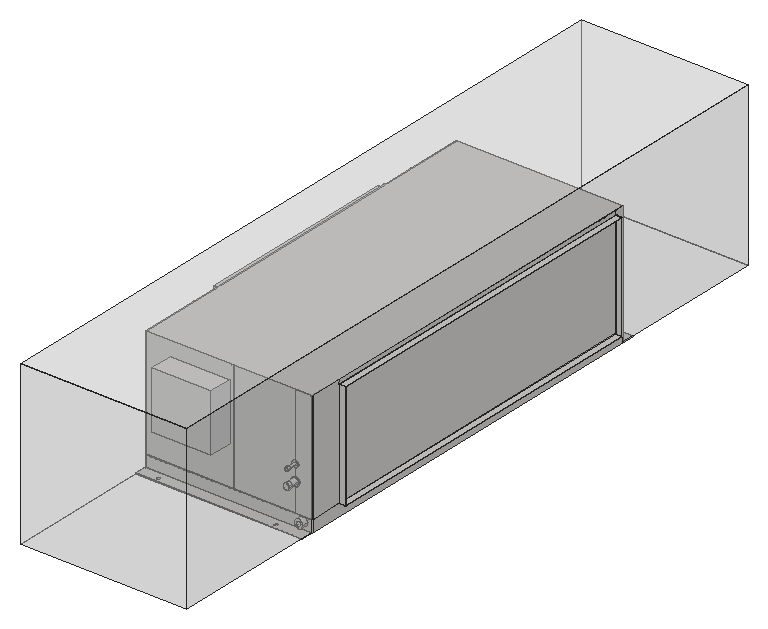
Revit family "outputfile", category 機械設備, Revit 2024
Family settings
  丸型コネクタ寸法 = 半径を使用
  パーツ タイプ = 標準
  OmniClass 番号 = 23.75.10.24.21.27.27
  OmniClass タイトル = Split System Air Conditioning Units
  作業面ベース = いいえ
  常に垂直 = はい
  ロード時にボイドで切り取り = いいえ
  注釈の向きを維持 = いいえ
  共有 = いいえ
  部屋計算ポイント = はい
Parameters (values of type "FDR300QY1")
  Description = ""
  書き出し IFC クラス(タイプ) = "IfcUnitaryEquipmentType"
  定義済み IFC タイプ(タイプ) = "AIRCONDITIONINGUNIT"
  Cost = 0
  Type Comments = ""
  Keynote = ""
  Type Image = (empty or 0)
  Assembly Code = ""
  angle_Drain Pipe [instance] = if(Rear Connection_drainpipe, -90.00°, 90.00°)  # 90.00°
  製造元 = "Daikin"
  モデル = "FDR300QY1"
  w2 = if(Depth = 2195.0 mm, 0.0 mm, if(Depth = 1980.0 mm, 0.0 mm, 352.0 mm))  # 0.0 mm
  w1 = if(Depth = 2195.0 mm, 0.0 mm, if(Depth = 1980.0 mm, 1.0 mm, 20.0 mm))  # 1.0 mm
  switch_frequency = yes
  r_Liquid Pipe Size = Liquid Pipe Size / 2  # 6.35 mm
  r_Gas Pipe Size = Gas Pipe Size / 2  # 14.3 mm
  r_Drain Pipe Size = Drain Pipe Size / 2  # 12.7 mm
  r_D = if(Depth = 2195.0 mm, 41.5 mm, if(Depth = 1980.0 mm, 41.5 mm, 34.5 mm))  # 41.5 mm
  lw_power = if(Depth = 2195.0 mm, Width / 2 - 249.0 mm, if(Depth = 1980.0 mm, Width / 2 - 128.0 mm, Width / 2 - 138.0 mm))  # 297.0 mm
  lw_mountinghole = if(Depth = 2195.0 mm, 100.0 mm, if(Depth = 1980.0 mm, 100.0 mm, if(Depth = 1330.0 mm, 59.0 mm, 59.0 mm)))  # 100.0 mm
  lh_SA = if(Depth = 2195.0 mm, 263.0 mm + SA Duct Size Height / 2, if(Depth = 1980.0 mm, 257.0 mm + SA Duct Size Height / 2, 156.0 mm + SA Duct Size Height / 2))  # 431.5 mm
  ld_SA = if(Depth = 2195.0 mm, 570.0 mm + SA Duct Size Width / 2, if(Depth = 1980.0 mm, 479.0 mm + SA Duct Size Width / 2, 128.0 mm + SA Duct Size Width / 2))  # 1001.5 mm
  ld_RA = if(Depth = 2195.0 mm, 171.0 mm + RA Duct Size Width / 2, if(Depth = 1980.0 mm, 169.0 mm + RA Duct Size Width / 2, 128.0 mm + RA Duct Size Width / 2))  # 1051.0 mm
  lh_power = if(Depth = 2195.0 mm, 490.0 mm, if(Depth = 1980.0 mm, 300.0 mm, 200.0 mm))  # 300.0 mm
  lh_RA = if(Depth = 2195.0 mm, 60.0 mm + RA Duct Size Height / 2, if(Depth = 1980.0 mm, 61.0 mm + RA Duct Size Height / 2, 156.0 mm + RA Duct Size Height / 2))  # 333.0 mm
  ld_power = if(Depth = 2195.0 mm, 75.8 mm, if(Depth = 1980.0 mm, 70.0 mm, 76.6 mm))  # 70.0 mm
  l_SA = if(Depth = 2195.0 mm, 36.0 mm, if(Depth = 1980.0 mm, 35.0 mm, 39.0 mm))  # 35.0 mm
  l_RA = if(Depth = 2195.0 mm, 36.0 mm, if(Depth = 1980.0 mm, 35.0 mm, 39.0 mm))  # 35.0 mm
  d = if(Depth = 1330.0 mm, 20.0 mm, 0.0 mm)  # 0.0 mm
  connector_voltage = Voltage_50Hz  # 400 V
  connector_powerinput = [Power Input (Cooling)]  # 11.190 kW
  connector_phase = Phase_50Hz  # 3
  Voltage_comment_50Hz = "380 - 415"
  Voltage_50Hz = 400 V
  URL = ""
  Supply Air Direction [instance] = yes
  Sound Power Level_H speed (dB) = 0
  Rear Connection_drainpipe [instance] = not(Front Connection_drainpipe)  # no
  Phase_50Hz = 3
  Minimum External Static Pressure = 0.00 Pa
  Minimum Circuit Amps_50Hz = 4.4 A
  Maximum Fuse Amps_50Hz = 16.0 A
  Maximum External Static Pressure = 150.00 Pa
  Material_Casing = DAIKIN_GalvanizedSteel_Casing_indoorunit
  lw_mountinghole_pitch = if(Depth = 2195.0 mm, 600.0 mm, if(Depth = 1980.0 mm, 600.0 mm, if(Depth = 1330.0 mm, 732.0 mm, 732.0 mm)))  # 600.0 mm
  lh_gaspipe = if(Depth = 2195.0 mm, 205.0 mm, if(Depth = 1980.0 mm, 205.0 mm, 187.0 mm))  # 205.0 mm
  lh_mountinghole = if(Depth = 2195.0 mm, 0.0 mm, if(Depth = 1980.0 mm, 0.0 mm, if(Depth = 1330.0 mm, 495.0 mm, 495.0 mm)))  # 0.0 mm
  lh_liquidpipe = if(Depth = 2195.0 mm, 285.0 mm, if(Depth = 1980.0 mm, 285.0 mm, 187.0 mm))  # 285.0 mm
  lh_drainpipe = if(Depth = 2195.0 mm, 38.0 mm, if(Depth = 1980.0 mm, 38.0 mm, 32.0 mm))  # 38.0 mm
  l_antena = Height - lh_mountinghole + 1.0 mm  # 626.0 mm
  ld_drainpipe = if(Depth = 2195.0 mm, Depth / 2 + 29.0 mm, if(Depth = 1980.0 mm, Depth / 2 + 29.0 mm, Depth / 2 + 9.0 mm))  # 1019.0 mm
  ld_liquidpipe = if(Depth = 2195.0 mm, Depth / 2 + 55.0 mm, if(Depth = 1980.0 mm, Depth / 2 + 55.0 mm, Depth / 2 + 60.0 mm))  # 1045.0 mm
  ld_gaspipe = if(Depth = 2195.0 mm, Depth / 2 + 55.0 mm, if(Depth = 1980.0 mm, Depth / 2 + 55.0 mm, Depth / 2 + 58.0 mm))  # 1045.0 mm
  ld_mountinghole_pitch = if(Depth = 2195.0 mm, 2280.0 mm, if(Depth = 1980.0 mm, 2070.0 mm, 1386.0 mm))  # 2070.0 mm
  h*** = 0.0 mm  # constant formula
  lw_liquidpipe = if(Depth = 2195.0 mm, 83.0 mm, if(Depth = 1980.0 mm, 87.0 mm, 126.0 mm))  # 87.0 mm
  lw_gaspipe = if(Depth = 2195.0 mm, 83.0 mm, if(Depth = 1980.0 mm, 87.0 mm, 47.0 mm))  # 87.0 mm
  lw_drainpipe = if(Depth = 2195.0 mm, 43.0 mm, if(Depth = 1980.0 mm, 45.0 mm, 46.0 mm))  # 45.0 mm
  Width = 850.0 mm
  Version = "ver.1.0"
  Unit Type = "Duct"
  Unit Mass Weight = 177.00 kg
  Unit Designation [instance] = ""
  Uniclass2015Version = "Products v1.30"
  Uniclass2015Title = "Split coil room air conditioning units"
  Uniclass2015Code = "Pr_70_65_03_86"
  Total Cooling Capacity [instance] = 0.000 kW
  Sound Pressure Level_M speed (dBA) = 0
  Sound Pressure Level_L speed (dBA) = 0
  Sound Pressure Level_H speed (dBA) = 59
  Series = "Package Aircon_Fan Coil Unit"
  Sensible Cooling Capacity [instance] = 0.000 kW
  SA Duct Size Width = 1045.0 mm
  SA Duct Size Height = 349.0 mm
  Refrigerant Type = "R410A"
  RA Duct Size Width = 1764.0 mm
  RA Duct Size Height = 544.0 mm
  Power Input (Cooling) = 11.190 kW
  Option Accessory 3 [instance] = ""
  Option Accessory 2 [instance] = ""
  Option Accessory 1 [instance] = ""
  Nominal Cooling Capacity = 34.700 kW
  Minimum Airflow = 0.00 m³/h
  Median Airflow = 0.00 m³/h
  Maximum Airflow = 7200.00 m³/h
  Load Classification = HVAC
  Liquid Pipe Size = 12.7 mm
  Link_Nested Family [instance] = ""
  Front Connection_drainpipe [instance] = yes
  IfcVersion = ""
  IfcExportType = "AIRCONDITIONINGUNIT"
  IfcExportAs = "IfcUnitaryEquipmentType"
  Height = 625.0 mm
  Heat Exchanger Type = "Cross Fin Coil"
  Gas Pipe Size = 28.6 mm
  Frequency_50Hz = 50 Hz
  Fan Type = "Sirocco Fan"
  Fan Drive = "-"
  FCU Tag No. [instance] = ""
  Drain Pipe Size = 25.4 mm
  Design Supply Airflow [instance] = 0.00 m³/h
  Design Return Airflow [instance] = 0.00 m³/h
  Design External Static Pressure [instance] = 0.00 Pa
  Depth = 1980.0 mm
  既定の高さ = 0.0 mm
  Cooling Entering Wet Bulb Temperature [instance] = 0.00 °C
  Cooling Entering Dry Bulb Temperature [instance] = 0.00 °C
  Cooling Ambient Wet Bulb Temperature [instance] = 0.00 °C
  Cooling Ambient Dry Bulb Temperature [instance] = 0.00 °C
  Clearance visibility [instance] = yes
  Clearance Top = 200.0 mm
  Clearance Right = 0.0 mm
  Clearance Rear = 800.0 mm
  Clearance Left = 0.0 mm
  Clearance Front = 800.0 mm
  Clearance Bottom = 0.0 mm
  A = if(Depth = 2195.0 mm, 60.0 mm, if(Depth = 1980.0 mm, 61.0 mm, 63.0 mm))  # 61.0 mm
  300-500 = not([200/250])  # yes
  200/250 = Depth = 1330.0 mm  # no
Reference planes
  plane 1 "Center (Front/Back)": y = 0
  plane 2 "h": z = 0
  plane 3 "Center (Left/Right)": x = 0
  plane 4 "Back": y = 990
  plane 5 "Front": y = -990
  plane 6 "Left": x = -425
  plane 7 "Right": x = 425
  plane 8 "Top": z = 0
  plane 9 "Bottom": z = -625
  plane 10: y = 1790
  plane 11: y = -1790
  plane 12: x = -425
  plane 13: x = 425
  plane 14: z = 200
  plane 15: z = -625
  plane 16 "ld_RA": y = 61
  plane 17 "lh_RA": z = -292
  plane 18 "ld_gaspipe": y = -1045
  plane 19 "ld_drainpipe": y = -1019
  plane 20 "lw_drainpipe": x = 380
  plane 21 "lw_liquidpipe": x = 338
  plane 22 "lw_gaspipe": x = 338
  plane 23 "lw_mountinghole": x = -325
  plane 24 "lw_mountinghole1": x = 275
  plane 25 "ld_mountinghole": y = -1035
  plane 26 "ld_mountinghole1": y = 1035
  plane 27 "lh_mountinghole": z = -625
  plane 28 "lh_SA": z = -193.5
  plane 29 "ld_liquidpipe": y = -1045
  plane 30 "ld_power": y = -1060
  plane 31 "ld_drainpipe1": y = 1019
  plane 32 "ld_SA": y = 11.5
  plane 33 "A": z = -564
  plane 34: y = 990
  plane 35: y = -990
  plane 36: x = -424
  plane 37: x = 425
  plane 38: z = -587
  plane 39: z = -587
Forms (mm)
  Extrusion 1, solid, material "DAIKIN_GalvanizedSteel_Casing_indoorunit" <- "Material_Casing"
    sketch origin (0, 0, -625) x (-1, 0, 0) y (0, -1, 0)
      loop
        line (424, -990) -> (424, 990) -> (-425, 990) -> (-425, -990) -> (424, -990)
    from 625 to 61
  Extrusion 2, solid, material "DAIKIN_GalvanizedSteel_Casing_indoorunit" <- "Material_Casing"
    sketch origin (0, 0, -625) x (-1, 0, 0) y (0, -1, 0)
      loop
        line (424, -990) -> (424, 990) -> (-425, 990) -> (-425, -990) -> (424, -990)
    from 0 to 61
  Extrusion 3, solid, material "DAIKIN_GalvanizedSteel_Casing_indoorunit" <- "Material_Casing", visible <- "200/250"
    sketch origin (0, 0, 0) x (1, 0, 0) y (0, 0, 1)
      loop
        line (84.8, -564) -> (84.8, -625) -> (419.6, -625) -> (419.6, -564) -> (84.8, -564)
    from -990 to 990
  Extrusion 4, solid, material "DAIKIN_GalvanizedSteel_Casing_indoorunit" <- "Material_Casing", visible <- "Front Connection_drainpipe"
    sketch origin (425, -990, -625) x (-1, 0, 0) y (0, 0, -1)
      loop
        circle (45, -38) r 20.75
      loop
        circle (45, -38) r 12.7
    from 0 to 29
  Extrusion 5, solid, material "DAIKIN_GalvanizedSteel_Casing_indoorunit" <- "Material_Casing", visible <- "Rear Connection_drainpipe"
    sketch origin (-424, 990, -625) x (1, 0, 0) y (0, 0, -1)
      loop
        circle (804, -38) r 20.75
      loop
        circle (804, -38) r 12.7
    from 0 to 29
Dimensions and locks
  "Height": plane 8 "Top" to plane 9 "Bottom"
  equal spacing: plane 4 "Back", plane 1 "Center (Front/Back)", plane 5 "Front"
  "Depth": plane 4 "Back" to plane 5 "Front"
  equal spacing: plane 6 "Left", plane 3 "Center (Left/Right)", plane 7 "Right"
  "Width": plane 6 "Left" to plane 7 "Right"
  "Clearance Left": plane 12 to plane 6 "Left"
  "Clearance Right": plane 7 "Right" to plane 13
  "Clearance Rear": plane 10 to plane 4 "Back"
  "Clearance Front": plane 5 "Front" to plane 11
  "Clearance Top": plane 14 to plane 8 "Top"
  "Clearance Bottom": plane 9 "Bottom" to plane 15
  "ld_RA": plane 16 "ld_RA" to plane 5 "Front"
  "lh_RA": plane 17 "lh_RA" to plane 9 "Bottom"
  "lw_drainpipe": plane 20 "lw_drainpipe" to plane 7 "Right"
  "lw_liquidpipe": plane 21 "lw_liquidpipe" to plane 7 "Right"
  "lw_gaspipe": plane 22 "lw_gaspipe" to plane 7 "Right"
  "lw_mountinghole_pitch": plane 23 "lw_mountinghole" to plane 24 "lw_mountinghole1"
  equal spacing: plane 25 "ld_mountinghole", plane 1 "Center (Front/Back)", plane 26 "ld_mountinghole1"
  "ld_mountinghole_pitch": plane 26 "ld_mountinghole1" to plane 25 "ld_mountinghole"
  "lh_mountinghole": plane 27 "lh_mountinghole" to plane 9 "Bottom"
  "lh_SA": plane 28 "lh_SA" to plane 9 "Bottom"
  "h***": plane 8 "Top" to plane 2 "h"
  "lw_mountinghole": plane 6 "Left" to plane 23 "lw_mountinghole"
  "ld_drainpipe": plane 31 "ld_drainpipe1" to plane 1 "Center (Front/Back)"
  "ld_drainpipe": plane 1 "Center (Front/Back)" to plane 19 "ld_drainpipe"
  "ld_power": plane 5 "Front" to plane 30 "ld_power"
  "ld_liquidpipe": plane 29 "ld_liquidpipe" to plane 1 "Center (Front/Back)"
  "ld_gaspipe": plane 18 "ld_gaspipe" to plane 1 "Center (Front/Back)"
  "ld_SA": plane 32 "ld_SA" to plane 5 "Front"
  "A": plane 33 "A" to plane 9 "Bottom"
  "w1": plane 6 "Left" to plane 36
  "d": plane 4 "Back" to plane 34
  "d": plane 35 to plane 5 "Front"
  "w2": plane 37 to plane 7 "Right"
  locked: plane 6 "Left" to Extrusion 1 sketch curve at 1
  locked: Extrusion 3 sketch curve to Extrusion 3 sketch curve at 334.8
  locked: Extrusion 3 sketch curve to plane 7 "Right" at 5.4
  "lh_drainpipe": plane 38 to plane 9 "Bottom"
  "lh_drainpipe": plane 39 to plane 9 "Bottom"
  "r_D": diameter of Extrusion 4 sketch curve
  "Drain Pipe Size": diameter of Extrusion 4 sketch curve
  "Drain Pipe Size": diameter of Extrusion 5 sketch curve
  "r_D": diameter of Extrusion 5 sketch curve
  aligned and locked: level to plane 2 "h"
  aligned and locked: nested 4 to plane 11
  aligned and locked: nested 4 to plane 12  (x2)
  aligned and locked: nested 4 to plane 13
  aligned and locked: plane 10 to nested 4
  aligned and locked: plane 14 to nested 4
  aligned and locked: plane 15 to nested 4
  aligned and locked: nested 2 to plane 21 "lw_liquidpipe"
  aligned and locked: nested 1 to plane 22 "lw_gaspipe"
  aligned and locked: nested 1 to plane 18 "ld_gaspipe"
  aligned and locked: plane 23 "lw_mountinghole" to nested 6
  aligned and locked: nested 6 to plane 26 "ld_mountinghole1"
  aligned and locked: plane 24 "lw_mountinghole1" to nested 5
  aligned and locked: nested 5 to plane 26 "ld_mountinghole1"
  aligned and locked: plane 24 "lw_mountinghole1" to nested 8
  aligned and locked: plane 25 "ld_mountinghole" to nested 8
  aligned and locked: plane 25 "ld_mountinghole" to nested 7
  aligned and locked: plane 23 "lw_mountinghole" to nested 7
  aligned and locked: nested 2 to plane 29 "ld_liquidpipe"
  aligned and locked: plane 28 "lh_SA" to nested 9
  aligned and locked: nested 3 to plane 3 "Center (Left/Right)"
  aligned and locked: plane 1 "Center (Front/Back)" to nested 3
  aligned and locked: nested 11 to plane 3 "Center (Left/Right)"
  aligned and locked: nested 11 to plane 30 "ld_power"
  aligned and locked: nested 9 to plane 6 "Left"
  aligned and locked: nested 9 to plane 32 "ld_SA"
  aligned and locked: plane 7 "Right" to nested 10
  aligned and locked: plane 16 "ld_RA" to nested 10
  aligned and locked: plane 7 "Right" to nested 12
  aligned and locked: nested 12 to plane 1 "Center (Front/Back)"
  aligned and locked: plane 1 "Center (Front/Back)" to nested 13
  aligned and locked: nested 13 to plane 6 "Left"
  aligned and locked: plane 9 "Bottom" to nested 13
  aligned and locked: Extrusion 1 sketch curve to plane 4 "Back"
  aligned and locked: plane 5 "Front" to Extrusion 1 sketch curve
  aligned and locked: Extrusion 1 sketch curve to plane 7 "Right"
  aligned and locked: Extrusion 1 to plane 8 "Top"
  aligned and locked: Extrusion 1 to plane 33 "A"
  aligned and locked: Extrusion 2 sketch curve to plane 34
  aligned and locked: plane 36 to Extrusion 2 sketch curve
  aligned and locked: plane 35 to Extrusion 2 sketch curve
  aligned and locked: Extrusion 2 sketch curve to plane 37
  aligned and locked: plane 33 "A" to Extrusion 2
  aligned and locked: Extrusion 2 to plane 9 "Bottom"
  aligned and locked: plane 25 "ld_mountinghole" to nested 14
  aligned and locked: nested 15 to plane 26 "ld_mountinghole1"
  aligned and locked: plane 23 "lw_mountinghole" to nested 14
  aligned and locked: nested 15 to plane 23 "lw_mountinghole"
  aligned and locked: plane 9 "Bottom" to nested 15
  aligned and locked: nested 14 to plane 9 "Bottom"
  aligned and locked: plane 23 "lw_mountinghole" to nested 16
  aligned and locked: plane 24 "lw_mountinghole1" to nested 17
  aligned and locked: nested 16 to plane 25 "ld_mountinghole"
  aligned and locked: nested 17 to plane 25 "ld_mountinghole"
  aligned and locked: nested 18 to plane 26 "ld_mountinghole1"
  aligned and locked: nested 19 to plane 26 "ld_mountinghole1"
  aligned and locked: nested 19 to plane 24 "lw_mountinghole1"
  aligned and locked: nested 18 to plane 23 "lw_mountinghole"
  aligned and locked: plane 27 "lh_mountinghole" to nested 18
  aligned and locked: plane 27 "lh_mountinghole" to nested 16
  aligned and locked: plane 27 "lh_mountinghole" to nested 19
  aligned and locked: plane 27 "lh_mountinghole" to nested 17
  aligned and locked: plane 8 "Top" to nested 12
  aligned and locked: Extrusion 3 sketch curve to plane 33 "A"
  aligned and locked: plane 9 "Bottom" to Extrusion 3 sketch curve
  aligned and locked: Extrusion 2 to Extrusion 3  (x2)
  aligned and locked: nested 20 to plane 5 "Front"
  aligned and locked: plane 3 "Center (Left/Right)" to nested 20
  aligned and locked: plane 9 "Bottom" to nested 20
  aligned and locked: Extrusion 4 sketch curve to plane 20 "lw_drainpipe"  (x2)
  aligned and locked: plane 38 to Extrusion 4 sketch curve  (x2)
  aligned and locked: Extrusion 4 to plane 19 "ld_drainpipe"
  aligned and locked: Extrusion 5 sketch curve to plane 20 "lw_drainpipe"  (x2)
  aligned and locked: plane 39 to Extrusion 5 sketch curve  (x2)
  aligned and locked: plane 31 "ld_drainpipe1" to Extrusion 5
  aligned and locked: plane 1 "Center (Front/Back)" to nested 21
  aligned and locked: nested 21 to plane 20 "lw_drainpipe"
Nested families
  nested 1: "daikin_connector_rotate2" at (338, 0, -420), length <- "ld_gaspipe", built-in parameter 1001364 <- "lh_gaspipe", radius <- "r_Gas Pipe Size", type "daikin_connector_rotate2"
    with radius 14.3 mm, length 1045.0 mm, angle_vertical 90.00°
  nested 2: "daikin_connector_rotate2" at (338, 0, -340), length <- "ld_liquidpipe", built-in parameter 1001364 <- "lh_liquidpipe", radius <- "r_Liquid Pipe Size", type "daikin_connector_rotate2"
    with radius 6.35 mm, length 1045.0 mm, angle_vertical 90.00°
  nested 3: "daikin_△_symbolicline" at (0, 0, 625) x (0, -1, 0) z (0, 0, 1), built-in parameter 1001364 <- "Height", visible <- "Supply Air Direction", type "daikin_△_symbolicline"
    with length 250.0 mm
  nested 4: "daikin_clearancespace" at (0, 0, -212.381), visible <- "Clearance visibility", show <- "Clearance visibility", Link_Nested Family <- "Link_Nested Family", type "daikin_clearancespace"
    with width 850.0 mm, show yes, height 825.0 mm, depth 3580.0 mm, Link_Nested Family ""
  nested 5: "daikin_mountinghole" at (275, 1035, -625), l_antenna <- "l_antena", Link_Nested Family <- "Link_Nested Family", h_mountinghole <- "lh_mountinghole", type "daikin_mountinghole"
    with show yes, l_antenna 626.0 mm, h_mountinghole 0.0 mm, Link_Nested Family ""
  nested 6: "daikin_mountinghole" at (-325, 1035, -625), l_antenna <- "l_antena", Link_Nested Family <- "Link_Nested Family", h_mountinghole <- "lh_mountinghole", type "daikin_mountinghole"
    with show yes, l_antenna 626.0 mm, h_mountinghole 0.0 mm, Link_Nested Family ""
  nested 7: "daikin_mountinghole" at (-325, -1035, -625), h_mountinghole <- "lh_mountinghole", l_antenna <- "l_antena", Link_Nested Family <- "Link_Nested Family", type "daikin_mountinghole"
    with show yes, l_antenna 626.0 mm, h_mountinghole 0.0 mm, Link_Nested Family ""
  nested 8: "daikin_mountinghole" at (275, -1035, -625), h_mountinghole <- "lh_mountinghole", l_antenna <- "l_antena", Link_Nested Family <- "Link_Nested Family", type "daikin_mountinghole"
    with show yes, l_antenna 626.0 mm, h_mountinghole 0.0 mm, Link_Nested Family ""
  nested 9: "daikin_connector_rotate2" at (-425, 11.5, -193.5) x (0, -1, 0) z (0, 0, 1), built-in parameter 1001364 <- "lh_SA", length <- "l_SA", type "daikin_connector_rotate2"
    with radius 10.0 mm, length 35.0 mm, angle_vertical 90.00°
  nested 10: "daikin_connector_rotate2" at (425, 61, -292) x (0, 1, 0) z (0, 0, 1), built-in parameter 1001364 <- "lh_RA", length <- "l_RA", type "daikin_connector_rotate2"
    with radius 10.0 mm, length 35.0 mm, angle_vertical 90.00°
  nested 11: "daikin_connector_rotate2" at (0, -1060, -325) x (0, -1, 0) z (0, 0, 1), length <- "lw_power", built-in parameter 1001364 <- "lh_power", type "daikin_connector_rotate2"
    with radius 10.0 mm, length 297.0 mm, angle_vertical 90.00°
  nested 12: "daikin_RA ductflange_FDR-QY1" at (425, 0, -625) x (0, 1, 0) z (0, 0, 1), type "daikin_RA ductflange_FDR-QY1"
    with lh_RA 61.0 mm, ld_RA 169.0 mm, l_RA 35.0 mm, a 61.0 mm, RA Duct Size Width 1764.0 mm, RA Duct Size Height 544.0 mm, Depth 1980.0 mm, Height 625.0 mm
  nested 13: "daikin_SA ductflange_FDR-QY1" at (-425, 0, -625) x (0, -1, 0) z (0, 0, 1), type "daikin_SA ductflange_FDR-QY1"
    with lh_SA 257.0 mm, ld_SA 479.0 mm, l_SA 35.0 mm, a 61.0 mm, SA Duct Size Height 349.0 mm, Depth 1980.0 mm, Height 625.0 mm, 450/500 no, 300/400 yes
  nested 14: "daikin_anchor boltsfixture_FDR-QY1" at (-325, -1035, -625), visible <- "300-500", type "daikin_anchor boltsfixture_FDR-QY1"
    with b 45.0 mm, a 61.0 mm, Width 850.0 mm, Height 625.0 mm
  nested 15: "daikin_anchor boltsfixture_FDR-QY1" at (-325, 1035, -625), visible <- "300-500", type "daikin_anchor boltsfixture_FDR-QY1"
    with b 45.0 mm, a 61.0 mm, Width 850.0 mm, Height 625.0 mm
  nested 16: "daikin_hangerfixture_FDR-QY1" at (-325, -1035, -625) x (0, 1, 0) z (0, 0, 1), visible <- "200/250", type "daikin_hangerfixture_FDR-QY1"
  nested 17: "daikin_hangerfixture_FDR-QY1" at (275, -1035, -625) x (0, 1, 0) z (0, 0, 1), visible <- "200/250", type "daikin_hangerfixture_FDR-QY1"
  nested 18: "daikin_hangerfixture_FDR-QY1" at (-325, 1035, -625) x (0, -1, 0) z (0, 0, 1), visible <- "200/250", type "daikin_hangerfixture_FDR-QY1"
  nested 19: "daikin_hangerfixture_FDR-QY1" at (275, 1035, -625) x (0, -1, 0) z (0, 0, 1), visible <- "200/250", type "daikin_hangerfixture_FDR-QY1"
  nested 20: "daikin_rightpanel_FDR-QY1" at (0, -990, -625), material <- "Material_Casing", type "daikin_rightpanel_FDR-QY1"
    with material DAIKIN_GalvanizedSteel_Casing_indoorunit, 外径_gaspipe 31.1 mm, 内径_gaspipe 28.6 mm, switch_unit_300/400 yes, switch_unit_200/250 no, lw_liquidpipe 87.0 mm, lw_gaspipe 87.0 mm, lw_control box 128.0 mm, lh_liquidpipe 285.0 mm, lh_gaspipe 205.0 mm, lh_control box 261.0 mm, ld_liquidpipe 55.0 mm, 外径_liquidpipe 17.8 mm, 内径_liquidpipe 12.7 mm, ld_gaspipe 55.0 mm, height 625.0 mm, h_control box 291.6 mm, depth 1980.0 mm
  nested 21: "daikin_connector_rotate2" at (380, 0, -587), built-in parameter 1001364 <- "lh_drainpipe", length <- "ld_drainpipe", radius <- "r_Drain Pipe Size", angle_vertical <- "angle_Drain Pipe", type "daikin_connector_rotate2"
    with radius 12.7 mm, length 1019.0 mm, angle_vertical 90.00°
Connectors
  piping at (338, -1045, -420), diameter 28.6, driven by "r_Gas Pipe Size"
    settings: on nested 1, index 4, connector inside diameter 609.6 mm, connector length 0.0 mm, flow factor 0, pipe flow 0.00 m³/h, pressure drop 0.0 Pa, fitting loss kfactor 0, connector angle 0.00°, fixture units 0, engagement length 0.0 mm, angle of deflection 0.00°, flow configuration 1, flow direction 2, fitting loss method 0, system type 29, joint type 0, gender type 0, connector reference index -1, connector utility 0, adjustable connector no, is connector primary yes, connector description "Refrigerant Gas Piping"
  piping at (338, -1045, -340), diameter 12.7, driven by "r_Liquid Pipe Size"
    settings: on nested 2, index 5, connector inside diameter 609.6 mm, connector length 0.0 mm, flow factor 0, pipe flow 0.00 m³/h, pressure drop 0.0 Pa, fitting loss kfactor 0, connector angle 0.00°, fixture units 0, engagement length 0.0 mm, angle of deflection 0.00°, flow configuration 1, flow direction 1, fitting loss method 0, system type 29, joint type 0, gender type 0, connector reference index -1, connector utility 0, adjustable connector no, is connector primary no, connector description "Refrigerant Liquid Piping"
  hvac at (-460, 11.5, -193.5), driven by "SA Duct Size Height", driven by "SA Duct Size Width"
    settings: on nested 9, index 7, duct flow 0.00 m³/h, flow factor 0, pres drop 0.00 Pa, loss coef 0, conn angle 0.00°, conn width 1045.0 mm, conn height 349.0 mm, conn diameter 609.6 mm, duct sys type 1, conn prof type 1, flow config 0, flow direction 2, loss method 4, conn ref index -1, conn util no, is conn primary yes, conn desc "SA Duct"
  hvac at (460, 61, -292), driven by "RA Duct Size Height", driven by "RA Duct Size Width"
    settings: on nested 10, index 8, duct flow 0.00 m³/h, flow factor 0, pres drop 0.00 Pa, loss coef 0, conn angle 0.00°, conn width 1764.0 mm, conn height 544.0 mm, conn diameter 609.6 mm, duct sys type 2, conn prof type 1, flow config 0, flow direction 1, loss method 4, conn ref index -1, conn util no, is conn primary no, conn desc "RA Duct"
  electrical at (-297, -1060, -325), driven by "connector_phase", driven by "Load Classification", driven by "connector_voltage", driven by "connector_powerinput"
    settings: on nested 11, index 9, voltage 400 V, apparent load 11190 VA, apparent load phase1 0 VA, apparent load phase2 0 VA, apparent load phase3 0 VA, power factor 1, load classification "HVAC", number of poles 3, system type 30, power factor state 1, is connector primary yes, connector utility no, sub classification motor no, connector description "Power Supply"
  piping at (380, -1019, -587), diameter 25.4, driven by "r_Drain Pipe Size"
    settings: on nested 21, index 10, connector inside diameter 609.6 mm, connector length 0.0 mm, flow factor 0, pipe flow 0.00 m³/h, pressure drop 0.0 Pa, fitting loss kfactor 0, connector angle 0.00°, fixture units 0, engagement length 0.0 mm, angle of deflection 0.00°, flow configuration 1, flow direction 2, fitting loss method 4, system type 16, joint type 0, gender type 0, connector reference index -1, connector utility 0, adjustable connector no, is connector primary no, connector description "Condensate Drain Piping"
Definition of nested family "daikin_clearancespace"
  Parameters (values of type "daikin_clearancespace")
    Description = "daikin_clearancespace"
    width [instance] = 1823.963 mm
    show [instance] = yes
    material = none
    height [instance] = 1359.762 mm
    depth [instance] = 880.0 mm
    Default Elevation = 0.0 mm
    Link_Nested Family [instance] = ""
  Reference planes
    plane 1 "Center (Front/Back)": y = 0
    plane 2 "Center (Elevation)": z = -0.119
    plane 3 "Center (Left/Right)": x = 0
    plane 4: y = 440
    plane 5: y = -440
    plane 6 "Right": x = 911.982
    plane 7 "Left": x = -911.982
    plane 8 "Top": z = 679.762
    plane 9 "Bottom": z = -680
  Forms (mm)
    Extrusion 1, solid, material <- "material", visible <- "show"
      sketch origin (0, 0, 0) x (1, 0, 0) y (0, 1, 0)
        loop
          line (-911.982, 440) -> (-911.982, -440) -> (911.982, -440) -> (911.982, 440) -> (-911.982, 440)
      from -680 to 679.762
  Lines and regions (mm)
    symbolic lines, visible <- "show"
      curve 1: line (911.982, 440, 0) -> (-911.982, 440, 0)
      curve 2: line (-911.982, 440, 0) -> (-911.982, -440, 0)
      curve 3: line (-911.982, -440, 0) -> (911.982, -440, 0)
      curve 4: line (911.982, -440, 0) -> (911.982, 440, 0)
      curve 5: line (911.982, 0, 679.762) -> (-911.982, 0, 679.762)
      curve 6: line (911.982, 0, -680) -> (911.982, 0, 679.762)
      curve 7: line (-911.982, 0, -680) -> (911.982, 0, -680)
      curve 8: line (-911.982, 0, 679.762) -> (-911.982, 0, -680)
      curve 9: line (0, 440, 679.762) -> (0, -440, 679.762)
      curve 10: line (0, -440, 679.762) -> (0, -440, -680)
      curve 11: line (0, 440, -680) -> (0, 440, 679.762)
      curve 12: line (0, -440, -680) -> (0, 440, -680)
  Dimensions and locks
    "width": plane 7 "Left" to plane 6 "Right"
    "depth": plane 4 to plane 5
    "height": plane 8 "Top" to plane 9 "Bottom"
    equal spacing: plane 7 "Left", plane 3 "Center (Left/Right)", plane 6 "Right"
    equal spacing: plane 4, plane 1 "Center (Front/Back)", plane 5
    equal spacing: plane 8 "Top", plane 2 "Center (Elevation)", plane 9 "Bottom"
    aligned and locked: level to plane 2 "Center (Elevation)"
    aligned and locked: Extrusion 1 sketch curve to plane 4
    aligned and locked: plane 7 "Left" to Extrusion 1 sketch curve
    aligned and locked: Extrusion 1 sketch curve to plane 5
    aligned and locked: Extrusion 1 sketch curve to plane 6 "Right"
    aligned and locked: plane 8 "Top" to Extrusion 1
    aligned and locked: curve 1 to Extrusion 1
    aligned and locked: curve 2 to Extrusion 1
    aligned and locked: curve 3 to Extrusion 1
    aligned and locked: curve 4 to Extrusion 1
    aligned and locked: curve 5 to Extrusion 1
    aligned and locked: curve 6 to Extrusion 1
    aligned and locked: curve 7 to Extrusion 1
    aligned and locked: curve 8 to Extrusion 1
    aligned and locked: curve 9 to Extrusion 1
    aligned and locked: curve 10 to Extrusion 1
    aligned and locked: curve 11 to Extrusion 1
    aligned and locked: curve 12 to Extrusion 1
    aligned and locked: Extrusion 1 to plane 9 "Bottom"
Definition of nested family "daikin_RA ductflange_FDR-QY1"
  Parameters (values of type "daikin_RA ductflange_FDR-QY14")
    lh_RA = if(Depth = 2195.0 mm, 60.0 mm, if(Depth = 1980.0 mm, 61.0 mm, 156.0 mm))  # 60.0 mm
    ld_RA = if(Depth = 2195.0 mm, 171.0 mm, if(Depth = 1980.0 mm, 169.0 mm, 128.0 mm))  # 171.0 mm
    l_RA = if(Depth = 2195.0 mm, 36.0 mm, if(Depth = 1980.0 mm, 35.0 mm, 39.0 mm))  # 36.0 mm
    a = if(Depth = 2195.0 mm, 60.0 mm, if(Depth = 1980.0 mm, 61.0 mm, 63.0 mm))  # 60.0 mm
    RA Duct Size Width = if(Depth = 2195.0 mm, 1974.0 mm, if(Depth = 1980.0 mm, 1764.0 mm, 1074.0 mm))  # 1974.0 mm
    RA Duct Size Height = if(Depth = 2195.0 mm, 679.0 mm, if(Depth = 1980.0 mm, 544.0 mm, 294.0 mm))  # 679.0 mm
    Depth = 2195.0 mm
    material = none
    Height = 760.0 mm
    t = if(Depth = 1330.0 mm, 0.8 mm, 1.0 mm)  # 1.0 mm
    Default Elevation = 0.0 mm
    200/250 = Depth = 1330.0 mm  # no
  Reference planes
    plane 1 "Center (Front/Back)": y = 0
    plane 2: z = 0
    plane 3 "Center (Left/Right)": x = 0
    plane 4: x = -1097.5
    plane 5: x = 1097.5
    plane 6: z = 760
    plane 7: z = 739
    plane 8 "a": z = 60
    plane 9: x = -926.5
    plane 10: x = 1047.5
    plane 11: x = -925.5
    plane 12: x = 1046.5
    plane 13: z = 60
    plane 14: y = -36
    plane 15: y = 1
    plane 16: x = -925.5
    plane 17: x = 1046.5
  Forms (mm)
    Extrusion 1, solid, material <- "material"
      sketch origin (0, 0, 0) x (1, 0, 0) y (0, 0, 1)
        loop
          line (-1097.5, 760) -> (-1097.5, 60) -> (-925.5, 60) -> (-925.5, 760) -> (-1097.5, 760)
      from 0 to -1
    Extrusion 2, solid, material <- "material"
      sketch origin (0, 0, 0) x (1, 0, 0) y (0, 0, 1)
        loop
          line (1097.5, 760) -> (1046.5, 760) -> (1046.5, 60) -> (1097.5, 60) -> (1097.5, 760)
      from 0 to -1
    Extrusion 3, solid, material <- "material"
      sketch origin (0, 0, 0) x (1, 0, 0) y (0, 0, 1)
        loop
          line (-926.5, 739) -> (-926.5, 60) -> (-925.5, 60) -> (-925.5, 739) -> (-926.5, 739)
        loop
          line (1046.5, 739) -> (1046.5, 60) -> (1047.5, 60) -> (1047.5, 739) -> (1046.5, 739)
      from 0 to 36
    Extrusion 4, solid, material <- "material"
      sketch origin (0, 0, 0) x (0, 1, 0) y (0, 0, 1)
        loop
          line (-36, 739) -> (-36, 738) -> (1, 738) -> (1, 760) -> (0, 760) -> (0, 739) -> (-36, 739)
        loop
          line (-36, 61) -> (-36, 60) -> (1, 60) -> (1, 61) -> (-36, 61)
      from -925.5 to 1046.5
    Extrusion 5, solid, material <- "material", visible <- "200/250"
      sketch origin (0, 0, 0) x (0, 1, 0) y (0, 0, 1)
        loop
          line (0, 60) -> (0, -33) -> (1, -33) -> (1, 60) -> (0, 60)
      from -925.5 to 1046.5
  Dimensions and locks
    equal spacing: plane 5, plane 3 "Center (Left/Right)", plane 4
    "Depth": plane 5 to plane 4
    "Height": plane 6 to plane 2
    "ld_RA": plane 9 to plane 4
    "RA Duct Size Width": plane 10 to plane 9
    "a": plane 8 "a" to plane 2
    "t": plane 11 to plane 9
    "t": plane 10 to plane 12
    "lh_RA": plane 13 to plane 2
    "RA Duct Size Height": plane 7 to plane 13
    "t": Extrusion 3 sketch curve to Extrusion 3 sketch curve  (x2)
    "l_RA": plane 14 to plane 1 "Center (Front/Back)"
    "t": plane 15 to plane 1 "Center (Front/Back)"
    "t": Extrusion 4 sketch curve to Extrusion 4 sketch curve  (x2)
    "t": plane 17 to plane 10
    "t": plane 9 to plane 16
    locked: Extrusion 5 sketch curve to Extrusion 5 sketch curve at 93
    aligned and locked: level to plane 2
    aligned and locked: Extrusion 1 sketch curve to plane 6
    aligned and locked: plane 4 to Extrusion 1 sketch curve
    aligned and locked: plane 8 "a" to Extrusion 1 sketch curve
    aligned and locked: Extrusion 1 sketch curve to plane 11
    aligned and locked: Extrusion 1 to plane 1 "Center (Front/Back)"
    aligned and locked: plane 6 to Extrusion 2 sketch curve
    aligned and locked: plane 5 to Extrusion 2 sketch curve
    aligned and locked: Extrusion 2 sketch curve to plane 8 "a"
    aligned and locked: Extrusion 2 sketch curve to plane 12
    aligned and locked: Extrusion 2 to plane 1 "Center (Front/Back)"
    aligned and locked: Extrusion 3 sketch curve to plane 7  (x2)
    aligned and locked: plane 9 to Extrusion 3 sketch curve
    aligned and locked: Extrusion 3 sketch curve to plane 10
    aligned and locked: plane 13 to Extrusion 3 sketch curve  (x2)
    aligned and locked: Extrusion 3 to plane 1 "Center (Front/Back)"
    aligned and locked: Extrusion 3 to plane 14
    aligned and locked: plane 15 to Extrusion 1
    aligned and locked: plane 15 to Extrusion 2
    aligned and locked: Extrusion 4 sketch curve to plane 7
    aligned and locked: Extrusion 4 sketch curve to plane 1 "Center (Front/Back)"
    aligned and locked: Extrusion 4 sketch curve to plane 6
    aligned and locked: Extrusion 4 sketch curve to plane 15  (x2)
    aligned and locked: plane 14 to Extrusion 4 sketch curve  (x2)
    aligned and locked: plane 13 to Extrusion 4 sketch curve
    aligned and locked: Extrusion 4 to plane 16
    aligned and locked: plane 17 to Extrusion 4
    aligned and locked: Extrusion 5 sketch curve to plane 13
    aligned and locked: Extrusion 5 sketch curve to plane 1 "Center (Front/Back)"
    aligned and locked: Extrusion 5 sketch curve to plane 15
    aligned and locked: Extrusion 5 to plane 16
    aligned and locked: plane 17 to Extrusion 5
Definition of nested family "daikin_SA ductflange_FDR-QY1"
  Parameters (values of type "daikin_SA ductflange_FDR-QY14")
    lh_SA = if(Depth = 2195.0 mm, 263.0 mm, if(Depth = 1980.0 mm, 257.0 mm, 156.0 mm))  # 263.0 mm
    ld_SA = if(Depth = 2195.0 mm, 570.0 mm, if(Depth = 1980.0 mm, 479.0 mm, 128.0 mm))  # 570.0 mm
    l_SA = if(Depth = 2195.0 mm, 36.0 mm, if(Depth = 1980.0 mm, 35.0 mm, 39.0 mm))  # 36.0 mm
    a = if(Depth = 2195.0 mm, 60.0 mm, if(Depth = 1980.0 mm, 61.0 mm, 63.0 mm))  # 60.0 mm
    SA Duct Size Width = if(Depth = 2195.0 mm, 1045.0 mm, if(Depth = 1980.0 mm, 1045.0 mm, 1074.0 mm))  # 1045.0 mm
    SA Duct Size Height = if(Depth = 2195.0 mm, 347.0 mm, if(Depth = 1980.0 mm, 349.0 mm, 294.0 mm))  # 347.0 mm
    Depth = 2195.0 mm
    material = none
    Height = 760.0 mm
    t = if(Depth = 1330.0 mm, 0.8 mm, 1.0 mm)  # 1.0 mm
    Default Elevation = 0.0 mm
    450/500 = Depth = 2195.0 mm  # yes
    300/400 = Depth = 1980.0 mm  # no
    200/250以外 = not(Depth = 1330.0 mm)  # yes
    200/250 = or(Depth = 1330.0 mm, and(not(Depth = 1980.0 mm), not(Depth = 2195.0 mm)))  # no
  Reference planes
    plane 1 "Center (Front/Back)": y = 0
    plane 2: z = 0
    plane 3 "Center (Left/Right)": x = 0
    plane 4: x = -1097.5
    plane 5: x = 1097.5
    plane 6: z = 760
    plane 7: z = 610
    plane 8 "a": z = 60
    plane 9: x = -517.5
    plane 10: x = 527.5
    plane 11: z = 263
    plane 12: y = -36
    plane 13: y = 1
    plane 14: x = -516.5
    plane 15: x = 526.5
  Forms (mm)
    Extrusion 1, solid, material <- "material"
      sketch origin (0, 0, 0) x (1, 0, 0) y (0, 0, 1)
        loop
          line (-517.5, 610) -> (-517.5, 263) -> (-516.5, 263) -> (-516.5, 610) -> (-517.5, 610)
        loop
          line (526.5, 610) -> (526.5, 263) -> (527.5, 263) -> (527.5, 610) -> (526.5, 610)
      from 0 to 36
    Extrusion 2, solid, material <- "material"
      sketch origin (0, 0, 0) x (0, 1, 0) y (0, 0, 1)
        loop
          line (-36, 610) -> (-36, 609) -> (1, 609) -> (1, 610) -> (-36, 610)
        loop
          line (-36, 264) -> (-36, 263) -> (1, 263) -> (1, 264) -> (-36, 264)
      from -516.5 to 526.5
    Extrusion 3, solid, material <- "material", visible <- "200/250以外"
      sketch origin (0, 0, 0) x (1, 0, 0) y (0, 0, 1)
        loop
          line (-537.5, 610) -> (-537.5, 263) -> (-517.5, 263) -> (-517.5, 610) -> (-537.5, 610)
        loop
          line (527.5, 610) -> (527.5, 263) -> (547.5, 263) -> (547.5, 610) -> (527.5, 610)
      from 0 to -1
    Extrusion 4, solid, material <- "material", visible <- "200/250以外"
      sketch origin (0, 0, 0) x (1, 0, 0) y (0, 0, 1)
        loop
          line (-517.5, 630) -> (-517.5, 610) -> (527.5, 610) -> (527.5, 630) -> (-517.5, 630)
        loop
          line (-517.5, 263) -> (-517.5, 243) -> (527.5, 243) -> (527.5, 263) -> (-517.5, 263)
      from 0 to -1
    Extrusion 5, solid, material <- "material", visible <- "200/250"
      sketch origin (0, 0, 0) x (1, 0, 0) y (0, 0, 1)
        loop
          line (-1097.5, 760) -> (-1097.5, 60) -> (-546.5, 60) -> (-546.5, 760) -> (-1097.5, 760)
        loop
          line (655.5, 760) -> (527.5, 760) -> (527.5, 60) -> (655.5, 60) -> (655.5, 760)
      from 0 to -1
    Extrusion 6, solid, material <- "material", visible <- "200/250"
      sketch origin (0, 0, 0) x (1, 0, 0) y (0, 0, 1)
        loop
          line (-517.5, 660) -> (-517.5, 610) -> (527.5, 610) -> (527.5, 660) -> (-517.5, 660)
        loop
          line (-517.5, 263) -> (-517.5, 170) -> (527.5, 170) -> (527.5, 263) -> (-517.5, 263)
      from 0 to -1
    Extrusion 7, solid, material <- "material", visible <- "450/500"
      sketch origin (0, 0, 0) x (1, 0, 0) y (0, 0, 1)
        loop
          line (-687.5, 610) -> (-687.5, 60) -> (-537.5, 60) -> (-537.5, 610) -> (-687.5, 610)
        loop
          line (547.5, 610) -> (547.5, 60) -> (696.5, 60) -> (696.5, 610) -> (547.5, 610)
      from 0 to -1
    Extrusion 8, solid, material <- "material", visible <- "450/500"
      sketch origin (0, 0, 0) x (1, 0, 0) y (0, 0, 1)
        loop
          line (-537.5, 243) -> (-537.5, 60) -> (547.5, 60) -> (547.5, 243) -> (-537.5, 243)
        loop
          line (-688.5, 760) -> (-688.5, 610) -> (698.5, 610) -> (698.5, 760) -> (-688.5, 760)
      from 0 to -1
    Extrusion 9, solid, material <- "material", visible <- "450/500"
      sketch origin (0, 0, 0) x (1, 0, 0) y (0, 0, 1)
        loop
          line (-1097.5, 760) -> (-1097.5, 60) -> (-688.5, 60) -> (-688.5, 760) -> (-1097.5, 760)
        loop
          line (698.5, 760) -> (698.5, 60) -> (1097.5, 60) -> (1097.5, 760) -> (698.5, 760)
      from 0 to -1
    Extrusion 10, solid, material <- "material", visible <- "300/400"
      sketch origin (0, 0, 0) x (1, 0, 0) y (0, 0, 1)
        loop
          line (-687.5, 760) -> (-687.5, 60) -> (-537.5, 60) -> (-537.5, 760) -> (-687.5, 760)
        loop
          line (547.5, 760) -> (547.5, 60) -> (696.5, 60) -> (696.5, 760) -> (547.5, 760)
      from 0 to -1
    Extrusion 11, solid, material <- "material", visible <- "300/400"
      sketch origin (0, 0, 0) x (1, 0, 0) y (0, 0, 1)
        loop
          line (-537.5, 236) -> (-537.5, 60) -> (547.5, 60) -> (547.5, 236) -> (-537.5, 236)
      from 0 to -1
    Extrusion 12, solid, material <- "material", visible <- "300/400"
      sketch origin (0, 0, 0) x (1, 0, 0) y (0, 0, 1)
        loop
          line (-973.5, 760) -> (-973.5, 0) -> (1006.5, 0) -> (1006.5, 760) -> (696.5, 760) -> (696.5, 60) -> (-687.5, 60) -> (-687.5, 760) -> (-973.5, 760)
      from 0 to -1
  Dimensions and locks
    equal spacing: plane 5, plane 3 "Center (Left/Right)", plane 4
    "Depth": plane 5 to plane 4
    "Height": plane 6 to plane 2
    "SA Duct Size Width": plane 10 to plane 9
    "a": plane 8 "a" to plane 2
    "lh_SA": plane 11 to plane 2
    "SA Duct Size Height": plane 7 to plane 11
    "t": Extrusion 1 sketch curve to Extrusion 1 sketch curve  (x2)
    "l_SA": plane 12 to plane 1 "Center (Front/Back)"
    "t": plane 13 to plane 1 "Center (Front/Back)"
    "t": Extrusion 2 sketch curve to Extrusion 2 sketch curve  (x2)
    "t": plane 15 to plane 10
    "t": plane 9 to plane 14
    locked: Extrusion 3 sketch curve to Extrusion 3 sketch curve at 20  (x2)
    locked: Extrusion 4 sketch curve to Extrusion 4 sketch curve at 20  (x2)
    Extrusion 5 sketch curve to Extrusion 5 sketch curve to Extrusion 5 sketch curve = 1074.0 mm, 128.0 mm
    locked: Extrusion 6 sketch curve to Extrusion 6 sketch curve at 50
    locked: Extrusion 6 sketch curve to Extrusion 6 sketch curve at 93
    locked: Extrusion 7 sketch curve to Extrusion 7 sketch curve at 150
    locked: Extrusion 7 sketch curve to Extrusion 7 sketch curve at 149
    locked: plane 9 to Extrusion 7 sketch curve at 20
    locked: Extrusion 7 sketch curve to plane 10 at 20
    locked: plane 9 to Extrusion 8 sketch curve at 20
    locked: plane 10 to Extrusion 8 sketch curve at 20
    locked: plane 11 to Extrusion 8 sketch curve at 20
    locked: Extrusion 8 sketch curve to Extrusion 8 sketch curve at 150
    locked: plane 9 to Extrusion 8 sketch curve at 171
    locked: plane 10 to Extrusion 8 sketch curve at 171
    locked: plane 9 to Extrusion 10 sketch curve at 20
    locked: Extrusion 10 sketch curve to plane 10 at 20
    locked: Extrusion 10 sketch curve to Extrusion 10 sketch curve at 150
    locked: Extrusion 10 sketch curve to Extrusion 10 sketch curve at 149
    locked: Extrusion 11 sketch curve to Extrusion 11 sketch curve at 176
    Extrusion 12 sketch curve to Extrusion 12 sketch curve = 286.0 mm
    Extrusion 12 sketch curve to Extrusion 12 sketch curve = 310.0 mm
    "ld_SA": plane 5 to plane 10
    aligned and locked: level to plane 2
    aligned and locked: Extrusion 1 sketch curve to plane 7  (x2)
    aligned and locked: plane 9 to Extrusion 1 sketch curve
    aligned and locked: Extrusion 1 sketch curve to plane 10
    aligned and locked: plane 11 to Extrusion 1 sketch curve  (x2)
    aligned and locked: Extrusion 1 to plane 1 "Center (Front/Back)"
    aligned and locked: Extrusion 1 to plane 12
    aligned and locked: Extrusion 2 sketch curve to plane 7
    aligned and locked: Extrusion 2 sketch curve to plane 13  (x2)
    aligned and locked: plane 12 to Extrusion 2 sketch curve  (x2)
    aligned and locked: plane 11 to Extrusion 2 sketch curve
    aligned and locked: Extrusion 2 to plane 14
    aligned and locked: plane 15 to Extrusion 2
    aligned and locked: Extrusion 3 sketch curve to plane 9
    aligned and locked: Extrusion 3 sketch curve to plane 7  (x2)
    aligned and locked: plane 11 to Extrusion 3 sketch curve
    aligned and locked: Extrusion 3 to plane 1 "Center (Front/Back)"
    aligned and locked: plane 13 to Extrusion 3
    aligned and locked: plane 9 to Extrusion 4 sketch curve
    aligned and locked: Extrusion 4 sketch curve to Extrusion 4 sketch curve  (x2)
    aligned and locked: Extrusion 4 sketch curve to plane 10
    aligned and locked: plane 7 to Extrusion 4 sketch curve
    aligned and locked: Extrusion 4 sketch curve to plane 11
    aligned and locked: Extrusion 4 to plane 1 "Center (Front/Back)"
    aligned and locked: plane 13 to Extrusion 4
    aligned and locked: Extrusion 5 sketch curve to plane 6
    aligned and locked: plane 4 to Extrusion 5 sketch curve
    aligned and locked: plane 8 "a" to Extrusion 5 sketch curve
    aligned and locked: Extrusion 5 sketch curve to plane 8 "a"
    aligned and locked: Extrusion 5 sketch curve to plane 10
    aligned and locked: Extrusion 5 to plane 1 "Center (Front/Back)"
    aligned and locked: plane 13 to Extrusion 5
    aligned and locked: plane 9 to Extrusion 6 sketch curve
    aligned and locked: Extrusion 6 sketch curve to Extrusion 6 sketch curve  (x2)
    aligned and locked: Extrusion 6 sketch curve to plane 10
    aligned and locked: plane 7 to Extrusion 6 sketch curve
    aligned and locked: Extrusion 6 sketch curve to plane 11
    aligned and locked: Extrusion 6 to plane 1 "Center (Front/Back)"
    aligned and locked: plane 13 to Extrusion 6
    aligned and locked: Extrusion 7 sketch curve to Extrusion 7 sketch curve  (x2)
    aligned and locked: Extrusion 7 sketch curve to plane 7
    aligned and locked: plane 8 "a" to Extrusion 7 sketch curve
    aligned and locked: Extrusion 7 to plane 1 "Center (Front/Back)"
    aligned and locked: plane 13 to Extrusion 7
    aligned and locked: plane 8 "a" to Extrusion 8 sketch curve
    aligned and locked: plane 7 to Extrusion 8 sketch curve
    aligned and locked: Extrusion 8 to plane 1 "Center (Front/Back)"
    aligned and locked: plane 13 to Extrusion 8
    aligned and locked: Extrusion 9 sketch curve to Extrusion 9 sketch curve  (x2)
    aligned and locked: plane 4 to Extrusion 9 sketch curve
    aligned and locked: Extrusion 9 sketch curve to plane 5
    aligned and locked: Extrusion 9 sketch curve to plane 6
    aligned and locked: plane 8 "a" to Extrusion 9 sketch curve
    aligned and locked: Extrusion 9 to plane 1 "Center (Front/Back)"
    aligned and locked: plane 13 to Extrusion 9
    aligned and locked: Extrusion 10 sketch curve to Extrusion 10 sketch curve  (x2)
    aligned and locked: Extrusion 10 sketch curve to plane 6
    aligned and locked: plane 8 "a" to Extrusion 10 sketch curve
    aligned and locked: Extrusion 10 to plane 1 "Center (Front/Back)"
    aligned and locked: plane 13 to Extrusion 10
    aligned and locked: plane 8 "a" to Extrusion 11 sketch curve
    aligned and locked: Extrusion 11 sketch curve to Extrusion 10
    aligned and locked: Extrusion 10 to Extrusion 11 sketch curve
    aligned and locked: Extrusion 11 to plane 1 "Center (Front/Back)"
    aligned and locked: plane 13 to Extrusion 11
    aligned and locked: plane 6 to Extrusion 12 sketch curve
    aligned and locked: Extrusion 12 sketch curve to plane 2
    aligned and locked: Extrusion 12 sketch curve to Extrusion 12 sketch curve
    aligned and locked: plane 8 "a" to Extrusion 12 sketch curve
    aligned and locked: Extrusion 12 to plane 1 "Center (Front/Back)"
    aligned and locked: plane 13 to Extrusion 12
    aligned and locked: Extrusion 8 to Extrusion 9 sketch curve
    aligned and locked: Extrusion 9 sketch curve to Extrusion 8
    aligned and locked: Extrusion 12 sketch curve to Extrusion 10  (x2)
  Automatic sketch dimensions
    Extrusion 3 sketch curve to plane 11 = 0.0 mm
    Extrusion 3 sketch curve to plane 10 = 0.0 mm
    Extrusion 5 sketch curve to plane 6 = 0.0 mm
Definition of nested family "daikin_anchor boltsfixture_FDR-QY1"
  Parameters (values of type "daikin_hangerfixture_FBA-BV2S9")
    material = none
    Default Elevation = 0.0 mm
    b = if(Height = 760.0 mm, 42.5 mm, 45.0 mm)  # 42.5 mm
    a = if(Height = 760.0 mm, 60.0 mm, 61.0 mm)  # 60.0 mm
    Width = 870.0 mm
    Height = 760.0 mm
  Reference planes
    plane 1 "Center (Front/Back)": y = 0
    plane 2: z = 0
    plane 3 "Center (Left/Right)": x = 0
    plane 4: x = -100
    plane 5: x = 770
    plane 6: x = 600
  Forms (mm)
    Extrusion 1, solid, material <- "material"
      sketch origin (0, 0, 0) x (0, 1, 0) y (0, 0, 1)
        loop
          line (-20, 2.3) -> (-20, 0) -> (42.5, 0) -> (42.5, 57.7) -> (54.5, 57.7) -> (54.5, 60) -> (40.2, 60) -> (40.2, 2.3) -> (-20, 2.3)
      from -100 to 770
    Extrusion 2, void
      sketch origin (0, 0, 0) x (1, 0, 0) y (0, 1, 0)
        loop
          circle (0, 0) r 7.5
        loop
          circle (600, 0) r 7.5
      from 0 to 3
  Cuts and joins
    Extrusion 2 cuts Extrusion 1
  Dimensions and locks
    "a": Extrusion 1 sketch curve to plane 2
    locked: Extrusion 1 sketch curve to plane 1 "Center (Front/Back)" at 20
    "b": plane 1 "Center (Front/Back)" to Extrusion 1 sketch curve
    locked: Extrusion 1 sketch curve to Extrusion 1 sketch curve at 12
    locked: Extrusion 1 sketch curve to Extrusion 1 sketch curve at 2.3  (x3)
    locked: plane 4 to plane 3 "Center (Left/Right)" at 100
    "Width": plane 4 to plane 5
    locked: plane 3 "Center (Left/Right)" to plane 6 at 600
    aligned and locked: level to plane 2
    aligned and locked: Extrusion 1 to plane 4
    aligned and locked: plane 5 to Extrusion 1
  Automatic sketch dimensions
    plane 1 "Center (Front/Back)" to Extrusion 2 sketch curve = 0.0 mm  (x2)
    Extrusion 2 sketch curve to plane 3 "Center (Left/Right)" = 0.0 mm
    Extrusion 2 sketch curve to plane 6 = 0.0 mm
    Extrusion 1 sketch curve to level = 0.0 mm
    radius of Extrusion 2 sketch curve = 7.5 mm  (x2)
Definition of nested family "daikin_hangerfixture_FDR-QY1"
  Parameters (values of type "daikin_hangerfixture_FBA-BV2S9")
    material = none
    Default Elevation = 0.0 mm
  Reference planes
    plane 1 "Center (Front/Back)": y = 0
    plane 2: z = 0
    plane 3 "Center (Left/Right)": x = 0
  Forms (mm)
    Extrusion 1, solid, material <- "material"
      sketch origin (0, 0, 0) x (1, 0, 0) y (0, 0, 1)
        loop
          line (25.2, -3.2) -> (25.2, -60.2) -> (-2.8, -60.2) -> (-2.8, -50.2) -> (-6, -50.2) -> (-6, -63.4) -> (28.4, -63.4) -> (28.4, 0) -> (-22, 0) -> (-22, -15.2) -> (-18.8, -15.2) -> (-18.8, -3.2) -> (25.2, -3.2)
      from -40 to 40
    Extrusion 2, void
      sketch origin (0, 0, 0) x (1, 0, 0) y (0, 1, 0)
        loop
          line (0, 7) -> (-22, 7) -> (-22, -7) -> (0, -7)
          arc (0, -7) -> (7, 0) -> (0, 7) r 7
      from 0 to -15.2
    Extrusion 3, void
      sketch origin (-2.2, 0, -63.4) x (1, 0, 0) y (0, 1, 0)
        loop
          arc (2.2, -16) -> (18.2, 0) -> (2.2, 16) r 16
          line (2.2, 16) -> (-19.8, 16) -> (-19.8, -16) -> (2.2, -16)
      from 0 to 13.2
  Cuts and joins
    Extrusion 2, Extrusion 3 cuts Extrusion 1
  Dimensions and locks
    locked: Extrusion 1 sketch curve to Extrusion 1 sketch curve at 3.2  (x5)
    Extrusion 1 sketch curve to Extrusion 1 sketch curve = 3.2 mm
    locked: Extrusion 1 sketch curve to Extrusion 1 sketch curve at 50.4
    locked: plane 3 "Center (Left/Right)" to Extrusion 1 sketch curve at 22
    locked: Extrusion 1 sketch curve to Extrusion 1 sketch curve at 63.4
    Extrusion 1 sketch curve to Extrusion 1 sketch curve = 34.4 mm
    locked: plane 3 "Center (Left/Right)" to Extrusion 1 sketch curve at 6
    Extrusion 2 sketch curve to plane 1 "Center (Front/Back)" to Extrusion 2 sketch curve = 7.0 mm locked, 7.0 mm locked
    Extrusion 3 sketch curve to plane 1 "Center (Front/Back)" to Extrusion 3 sketch curve = 16.0 mm locked, 16.0 mm locked
    aligned and locked: level to plane 2
    aligned and locked: Extrusion 1 sketch curve to plane 2
    aligned and locked: Extrusion 2 sketch curve to Extrusion 1
    aligned and locked: plane 1 "Center (Front/Back)" to Extrusion 2 sketch curve
    aligned and locked: plane 3 "Center (Left/Right)" to Extrusion 2 sketch curve
    aligned and locked: Extrusion 2 to cut or joined group of Extrusion 1, Extrusion 2, Extrusion 3
    aligned and locked: plane 1 "Center (Front/Back)" to Extrusion 3 sketch curve
    aligned and locked: plane 3 "Center (Left/Right)" to Extrusion 3 sketch curve
    aligned and locked: cut or joined group of Extrusion 1, Extrusion 2, Extrusion 3 to Extrusion 3 sketch curve
    aligned and locked: Extrusion 3 to Extrusion 1
  Automatic sketch dimensions
    Extrusion 1 sketch curve to Extrusion 1 sketch curve = 10.0 mm
    Extrusion 1 sketch curve to Extrusion 1 sketch curve = 12.0 mm
Definition of nested family "daikin_rightpanel_FDR-QY1"
  Parameters (values of type "frontpanel1")
    外径_gaspipe = if(depth = 2195.0 mm, 31.1 mm, if(depth = 1980.0 mm, 31.1 mm, 24.15 mm))  # 24.15 mm
    内径_gaspipe = 60.0 mm
    width = 850.0 mm
    w_control box = if(depth = 2195.0 mm, 302.0 mm, if(depth = 1980.0 mm, 302.0 mm, 302.0 mm))  # 302.0 mm
    switch_unit_450/500 = depth = 2195.0 mm  # no
    switch_unit_300/400 = depth = 1980.0 mm  # no
    switch_unit_200/250 = depth = 1330.0 mm  # yes
    material [instance] = none
    lw_liquidpipe = if(depth = 2195.0 mm, 83.0 mm, if(depth = 1980.0 mm, 87.0 mm, 126.0 mm))  # 126.0 mm
    lw_gaspipe = if(depth = 2195.0 mm, 83.0 mm, if(depth = 1980.0 mm, 87.0 mm, 47.0 mm))  # 47.0 mm
    lw_control box = if(depth = 2195.0 mm, 249.0 mm, if(depth = 1980.0 mm, 128.0 mm, 138.0 mm))  # 138.0 mm
    lh_liquidpipe = if(depth = 2195.0 mm, 285.0 mm, if(depth = 1980.0 mm, 285.0 mm, 187.0 mm))  # 187.0 mm
    lh_gaspipe = if(depth = 2195.0 mm, 205.0 mm, if(depth = 1980.0 mm, 205.0 mm, 187.0 mm))  # 187.0 mm
    lh_control box = if(depth = 2195.0 mm, 458.0 mm, if(depth = 1980.0 mm, 261.0 mm, 168.0 mm))  # 168.0 mm
    ld_liquidpipe = if(depth = 2195.0 mm, 55.0 mm, if(depth = 1980.0 mm, 55.0 mm, 60.0 mm))  # 60.0 mm
    外径_liquidpipe = if(depth = 2195.0 mm, 17.8 mm, if(depth = 1980.0 mm, 17.8 mm, 11.54 mm))  # 11.54 mm
    内径_liquidpipe = 50.0 mm
    ld_gaspipe = if(depth = 2195.0 mm, 55.0 mm, if(depth = 1980.0 mm, 55.0 mm, 58.0 mm))  # 58.0 mm
    height = 500.0 mm
    h_control box = if(depth = 2195.0 mm, 261.6 mm, if(depth = 1980.0 mm, 291.6 mm, 261.6 mm))  # 261.6 mm
    depth = 1330.0 mm
    Default Elevation = 0.0 mm
  Reference planes
    plane 1 "Center (Front/Back)": y = 0
    plane 2 "Bottom": z = 0
    plane 3 "Center (Left/Right)": x = 0
    plane 4: x = -425
    plane 5: x = 425
    plane 6: z = 500
    plane 7: x = -287
    plane 8: x = 15
    plane 9: z = 429.6
    plane 10: z = 168
    plane 11: y = -121
    plane 12 "lh_g": z = 187
    plane 13 "lh_l": z = 187
    plane 14 "lw_g": x = 378
    plane 15 "lw_l": x = 299
    plane 16: y = -60
    plane 17 "ld_g": y = -58
  Forms (mm)
    Extrusion 1, solid, material <- "material"
      sketch origin (0, 0, 0) x (1, 0, 0) y (0, 0, 1)
        loop
          line (-287, 429.6) -> (-287, 168) -> (15, 168) -> (15, 429.6) -> (-287, 429.6)
      from 0 to 121
    Extrusion 2, solid, material <- "material", visible <- "switch_unit_450/500"
      sketch origin (0, 0, 0) x (1, 0, 0) y (0, 0, 1)
        loop
          line (347, 500) -> (347, 60) -> (425, 60) -> (425, 500) -> (347, 500)
      from 0 to -1
    Extrusion 3, solid, material <- "material", visible <- "switch_unit_450/500"
      sketch origin (0, 0, 0) x (1, 0, 0) y (0, 0, 1)
        loop
          line (-425, 500) -> (-425, 150) -> (347, 150) -> (347, 500) -> (-425, 500)
      from 0 to -1
    Extrusion 4, void
      sketch origin (0, 0, 0) x (1, 0, 0) y (0, 0, 1)
        loop
          circle (299, 187) r 16
      from 0 to -1
    Extrusion 5, void
      sketch origin (0, 0, 0) x (1, 0, 0) y (0, 0, 1)
        loop
          circle (378, 187) r 25
      from 0 to -1
    Extrusion 6, solid, material <- "material", visible <- "switch_unit_200/250"
      sketch origin (0, 0, 0) x (1, 0, 0) y (0, 0, 1)
        loop
          line (425, 63) -> (425, 88) -> (77, 88) -> (77, 63) -> (425, 63)
      from 0 to -1
    Extrusion 7, solid, material <- "material", visible <- "switch_unit_200/250"
      sketch origin (0, 0, 0) x (1, 0, 0) y (0, 0, 1)
        loop
          line (-306, 500) -> (-306, 81) -> (49, 81) -> (49, 500) -> (-306, 500)
      from 0 to -1
    Extrusion 8, solid, material <- "material", visible <- "switch_unit_200/250"
      sketch origin (0, 0, 0) x (1, 0, 0) y (0, 0, 1)
        loop
          line (-425, 431.4) -> (-425, 71.4) -> (-385, 71.4) -> (-385, 431.4) -> (-425, 431.4)
      from 0 to -1
    Extrusion 9, solid, material <- "material", visible <- "switch_unit_200/250"
      sketch origin (0, 0, 0) x (1, 0, 0) y (0, 0, 1)
        loop
          line (304, 500) -> (304, 208) -> (378, 208)
          arc (378, 208) -> (399, 187) -> (378, 166) r 21
          line (378, 166) -> (304, 166) -> (304, 88) -> (425, 88) -> (425, 500) -> (304, 500)
      from 0 to -1
    Extrusion 10, solid, material <- "material", visible <- "switch_unit_300/400"
      sketch origin (0, 0, 0) x (1, 0, 0) y (0, 0, 1)
        loop
          line (343, 500) -> (343, 61) -> (425, 61) -> (425, 500) -> (343, 500)
      from 0 to -1
    Extrusion 11, solid, material <- "material", visible <- "switch_unit_300/400"
      sketch origin (0, 0, 0) x (1, 0, 0) y (0, 0, 1)
        loop
          line (-425, 500) -> (-425, 61) -> (34, 61) -> (34, 500) -> (-425, 500)
      from 0 to -1
    Extrusion 12, solid, material <- "material"
      sketch origin (0, 0, 0) x (1, 0, 0) y (0, 0, 1)
        loop
          circle (299, 187) r 25
      from 0 to 60
    Extrusion 13, solid, material <- "material"
      sketch origin (-566.731, -60, 1200) x (-1, 0, 0) y (0, 0, 1)
        loop
          circle (-865.731, -1013) r 5.77
      from 0 to 10
    Extrusion 14, solid, material <- "material"
      sketch origin (0, 0, 0) x (1, 0, 0) y (0, 0, 1)
        loop
          circle (378, 187) r 30
      from 0 to 58
    Extrusion 15, solid, material <- "material"
      sketch origin (-566.731, -58, 1200) x (-1, 0, 0) y (0, 0, 1)
        loop
          circle (-944.731, -1013) r 12.075
      from 0 to 14
    Extrusion 16, solid, material <- "material"
      sketch origin (0, 0, 0) x (1, 0, 0) y (0, 0, 1)
        loop
          circle (299, 187) r 16
        loop
          circle (378, 187) r 21
      from 0 to -1
  Cuts and joins
    Extrusion 4, Extrusion 5 cuts Extrusion 2
    Extrusion 4, Extrusion 5 cuts Extrusion 10
  Dimensions and locks
    equal spacing: plane 4, plane 3 "Center (Left/Right)", plane 5
    "width": plane 4 to plane 5
    "height": plane 6 to plane 2 "Bottom"
    "lw_control box": plane 7 to plane 4
    "w_control box": plane 8 to plane 7
    "lh_control box": plane 10 to plane 2 "Bottom"
    "h_control box": plane 9 to plane 10
    locked: plane 11 to plane 1 "Center (Front/Back)" at 121
    locked: Extrusion 2 sketch curve to Extrusion 2 sketch curve at 78
    locked: Extrusion 2 sketch curve to plane 2 "Bottom" at 60
    locked: Extrusion 3 sketch curve to Extrusion 3 sketch curve at 350
    locked: Extrusion 3 sketch curve to plane 5 at 78
    "lh_liquidpipe": plane 13 "lh_l" to plane 2 "Bottom"
    "lh_gaspipe": plane 12 "lh_g" to plane 2 "Bottom"
    "lw_gaspipe": plane 5 to plane 14 "lw_g"
    "lw_liquidpipe": plane 5 to plane 15 "lw_l"
    locked: Extrusion 6 sketch curve to plane 2 "Bottom" at 63
    locked: Extrusion 6 sketch curve to Extrusion 6 sketch curve at 25
    locked: Extrusion 6 sketch curve to Extrusion 6 sketch curve at 348
    locked: Extrusion 7 sketch curve to Extrusion 7 sketch curve at 419
    locked: plane 7 to Extrusion 7 sketch curve at 19
    locked: Extrusion 7 sketch curve to Extrusion 7 sketch curve at 355
    locked: Extrusion 8 sketch curve to Extrusion 8 sketch curve at 360
